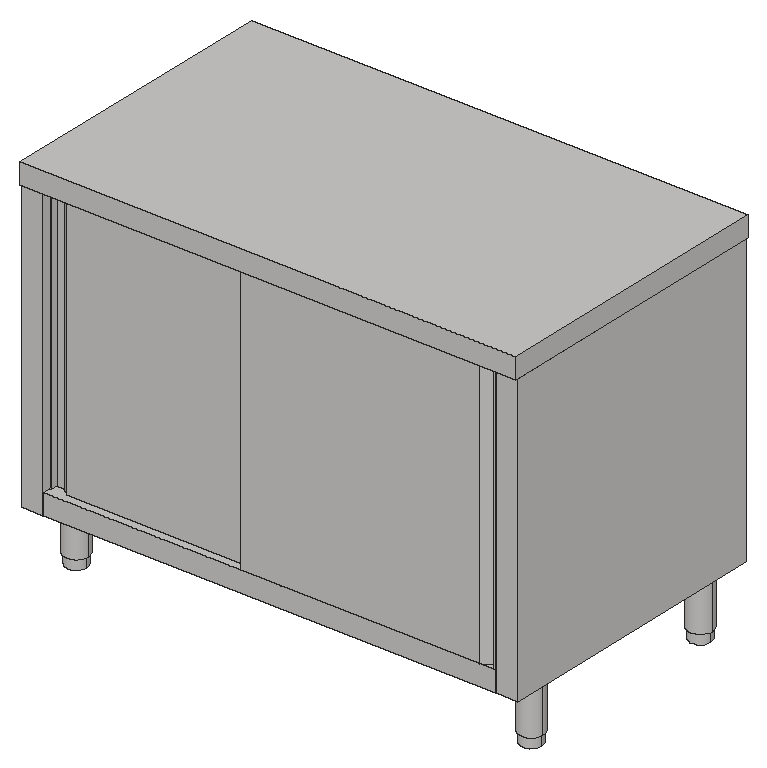
Revit family "QF_ZANUSSI_132857_MS1207N", category Attrezzature speciali, Revit 2020
Family settings
  Quota connettore circolare = Usa diametro
  Tipo di parte = Normale
  Basato su piano di lavoro = No
  Sempre verticale = Sì
  Taglio con vuoti quando caricato = No
  Condiviso = No
  Punto di calcolo locali = No
Parameters (values of type "Standard")
  Weight = 55.00 kg
  Watts = 0 W
  Volts = 0 V
  URL Manufacturer = "http://www.zanussiprofessional.com"
  URL = "http://www.zanussiprofessional.com"
  Steam Supply Size = 0 mm
  Steam Supply Minimum Pressure = 0.0 Pa
  Steam Supply Maximum Pressure = 0.0 Pa
  Steam Consumption per Hour = 0
  Refrigeration Suction Line Size = 0.0 mm
  Refrigeration Liquid Line Size = 0.0 mm
  Refrigerant Compressor Remote = yes
  Prospetto di default = 0.0 mm
  Produttore = "Zanussi"
  Phase = 0
  Modello = "MS1207N"
  Length Actual = 1200.0 mm  # constant formula
  Item Number = "132857"
  Hot Water Size = 0 mm
  Height Actual = 900.0 mm  # constant formula
  HP = "0 HP"
  Gas Size = 0 mm
  Gas KW = 0
  Gas Input Pressure = 0 W
  Direct Waste Size = 0 mm
  Descrizione = "WORKTOP CUPBOARD 1200MM"
  Depth Actual = 700.0 mm  # constant formula
  Cycle = 0 Hz
  Condensate Return Size = 0 mm
  Compressed Air Volume = 0.0 L/s
  Compressed Air Size = 0 mm
  Compressed Air Pressure = 0.0 Pa
  Cold Water Size = 0 mm
  Accessory = yes
Reference planes
  plane 1 "Center (Front/Back)": y = 0
  plane 2: z = 0
  plane 3 "Center (Left/Right)": x = -100
  plane 4 "LEFT": x = -700
  plane 5 "RIGHT": x = 500
  plane 6 "BACK": y = 350
  plane 7 "FRONT": y = -350
  plane 8 "Base": z = 850
  plane 9 "TOP": z = 900
  plane 10: x = -650
  plane 11: x = 450
  plane 12: y = 270
  plane 13: y = -241.9
  plane 14 "BodyLeft": x = -699
  plane 15 "BodyFront": y = -344.5
  plane 16 "BodyRight": x = 499
  plane 17 "BodyBack": y = 344.5
  plane 18 "FEET": z = 150
  plane 19: x = -30
  plane 20: x = -170
Forms (mm)
  Extrusion 1, solid, material "QF_Finishes_Stainless Steel"
    sketch origin (-100, 0, 0) x (0, 1, 0) y (0, 0, 1)
      loop
        line (-350, 850) -> (350, 850) -> (350, 900) -> (-350, 900) -> (-350, 850)
    from 600 to -600
  Extrusion 2, solid, material "QF_Finishes_Stainless Steel"
    sketch origin (0, 0, 150) x (-1, 0, 0) y (0, -1, 0)
      loop
        line (699, -344.5) -> (699, 344.5) -> (649, 344.5) -> (649, -344.5) -> (699, -344.5)
      loop
        line (-449, -344.5) -> (-449, 344.5) -> (-499, 344.5) -> (-499, -344.5) -> (-449, -344.5)
    from 0 to 700
  Extrusion 3, solid, material "QF_Finishes_Stainless Steel"
    sketch origin (0, 0, 150) x (-1, 0, 0) y (0, -1, 0)
      loop
        line (646.685, -344.5) -> (646.685, 344.5) -> (-447.6, 344.5) -> (-447.6, -344.5) -> (646.685, -344.5)
    from 0 to 50
  Extrusion 4, solid, material "QF_Finishes_Stainless Steel"
    sketch origin (0, 0, 150) x (-1, 0, 0) y (0, -1, 0)
      loop
        line (646.685, -344.5) -> (646.685, -294.5) -> (-447.6, -294.5) -> (-447.6, -344.5) -> (646.685, -344.5)
    from 50 to 700
  Extrusion 5, solid, material "QF_Finishes_Stainless Steel"
    sketch origin (0, 0, 150) x (-1, 0, 0) y (0, -1, 0)
      loop
        line (-447.6, 344.5) -> (-447.6, 324.5) -> (170, 324.5) -> (170, 344.5) -> (-407.6, 344.5) -> (-427.6, 329.5) -> (-442.6, 329.5) -> (-442.6, 344.5) -> (-447.6, 344.5)
    from 50 to 700
  Extrusion 6, solid, material "QF_Finishes_Stainless Steel"
    sketch origin (0, 20, 150) x (1, 0, 0) y (0, 1, 0)
      loop
        line (-647.6, -344.5) -> (-642.6, -344.5) -> (-642.6, -329.5) -> (-627.6, -329.5) -> (-607.6, -344.5) -> (-30, -344.5) -> (-30, -324.5) -> (-647.6, -324.5) -> (-647.6, -344.5)
    from 50 to 700
Lines and regions (mm)
  symbolic lines
    curve 1: line (500, 350, 900) -> (-700, 350, 900)
    curve 2: line (-700, 350, 900) -> (-700, -350, 900)
    curve 3: line (-700, -350, 900) -> (500, -350, 900)
    curve 4: line (500, -350, 900) -> (500, 350, 900)
  symbolic lines, style "SpecialityEquipmentHiddenLines"
    curve 5: line (-699, 344.5, 150) -> (499, 344.5, 150)
    curve 6: line (-699, -344.5, 150) -> (-699, 344.5, 150)
    curve 7: line (499, -344.5, 150) -> (-699, -344.5, 150)
    curve 8: line (499, 344.5, 150) -> (499, -344.5, 150)
    curve 9: line (-647.6, -304.5, 150) -> (-30, -304.5, 150)
    curve 10: line (-30, -304.5, 150) -> (-30, -324.5, 150)
    curve 11: line (-647.6, -324.5, 150) -> (447.6, -324.5, 150)
    curve 12: line (447.6, -324.5, 150) -> (447.6, -344.5, 150)
    curve 13: line (-170, -324.5, 150) -> (-170, -344.5, 150)
    curve 14: line (-647.6, -304.5, 150) -> (-647.6, -324.5, 150)
Dimensions and locks
  plane 4 "LEFT" to plane 5 "RIGHT" = 1200.0 mm
  equal spacing: plane 4 "LEFT", plane 3 "Center (Left/Right)", plane 5 "RIGHT"
  locked: plane 8 "Base" to level at 850
  plane 9 "TOP" to level = 900.0 mm
  plane 6 "BACK" to plane 7 "FRONT" = 700.0 mm
  equal spacing: plane 6 "BACK", plane 1 "Center (Front/Back)", plane 7 "FRONT"
  locked: plane 4 "LEFT" to plane 14 "BodyLeft" at 1
  locked: plane 16 "BodyRight" to plane 5 "RIGHT" at 1
  locked: plane 15 "BodyFront" to plane 7 "FRONT" at 5.5
  locked: plane 6 "BACK" to plane 17 "BodyBack" at 5.5
  locked: plane 14 "BodyLeft" to plane 10 at 49
  locked: plane 11 to plane 16 "BodyRight" at 49
  locked: plane 13 to plane 15 "BodyFront" at 102.6
  locked: plane 17 "BodyBack" to plane 12 at 74.5
  plane 10 to plane 11 = 1100.0 mm
  plane 12 to plane 13 = 511.9 mm
  locked: plane 14 "BodyLeft" to Extrusion 2 sketch curve at 50
  locked: Extrusion 2 sketch curve to Extrusion 2 sketch curve at 50
  Extrusion 3 to Extrusion 4 sketch curve = 50.0 mm
  locked: plane 3 "Center (Left/Right)" to plane 19 at 70
  locked: plane 20 to plane 3 "Center (Left/Right)" at 70
  locked: plane 18 "FEET" to level at 150
  aligned and locked: level to plane 2
  aligned and locked: plane 10 to nested 1
  aligned and locked: nested 1 to plane 13
  aligned and locked: plane 11 to nested 2
  aligned and locked: nested 2 to plane 13
  aligned and locked: plane 11 to nested 4
  aligned and locked: nested 4 to plane 12
  aligned and locked: plane 10 to nested 3
  aligned and locked: nested 3 to plane 12
  aligned and locked: Extrusion 1 to plane 4 "LEFT"
  aligned and locked: plane 5 "RIGHT" to Extrusion 1
  aligned and locked: curve 2 to plane 4 "LEFT"
  aligned and locked: plane 17 "BodyBack" to Extrusion 2 sketch curve
  aligned and locked: Extrusion 2 sketch curve to plane 15 "BodyFront"
  aligned and locked: Extrusion 2 sketch curve to plane 14 "BodyLeft"
  aligned and locked: plane 16 "BodyRight" to Extrusion 2 sketch curve
  aligned and locked: Extrusion 2 sketch curve to plane 17 "BodyBack"
  aligned and locked: plane 15 "BodyFront" to Extrusion 2 sketch curve
  aligned and locked: Extrusion 3 sketch curve to plane 17 "BodyBack"
  aligned and locked: plane 15 "BodyFront" to Extrusion 3 sketch curve
  aligned and locked: plane 8 "Base" to Extrusion 2
  aligned and locked: Extrusion 4 sketch curve to Extrusion 3
  aligned and locked: plane 8 "Base" to Extrusion 5
  aligned and locked: Extrusion 5 to Extrusion 3
  aligned and locked: Extrusion 6 sketch curve to plane 19
  aligned and locked: Extrusion 5 sketch curve to plane 20
  aligned and locked: Extrusion 1 to plane 8 "Base"
  aligned and locked: plane 9 "TOP" to Extrusion 1
  aligned and locked: curve 5 to plane 17 "BodyBack"
  aligned and locked: plane 14 "BodyLeft" to curve 6
  aligned and locked: plane 15 "BodyFront" to curve 7
  aligned and locked: plane 16 "BodyRight" to curve 8
Automatic sketch dimensions
  curve 3 to plane 7 "FRONT" = 0.0 mm
  curve 4 to plane 6 "BACK" = 0.0 mm
  Extrusion 1 sketch curve to plane 7 "FRONT" = 0.0 mm
  plane 9 "TOP" to Extrusion 1 sketch curve = 0.0 mm
  Extrusion 1 sketch curve to plane 6 "BACK" = 0.0 mm
  Extrusion 1 sketch curve to plane 8 "Base" = 0.0 mm
  Extrusion 5 sketch curve to plane 15 "BodyFront" = 0.0 mm  (x2)
  Extrusion 5 sketch curve to plane 11 = 2.4 mm
  Extrusion 5 sketch curve to Extrusion 5 sketch curve = 5.0 mm
  Extrusion 5 sketch curve to Extrusion 5 sketch curve = 15.0 mm
  Extrusion 5 sketch curve to Extrusion 5 sketch curve = 20.0 mm
  plane 15 "BodyFront" to Extrusion 5 sketch curve = 15.0 mm
  plane 15 "BodyFront" to Extrusion 5 sketch curve = 20.0 mm
  Extrusion 6 sketch curve to plane 15 "BodyFront" = 20.0 mm  (x2)
  Extrusion 6 sketch curve to plane 10 = 2.4 mm
  Extrusion 6 sketch curve to Extrusion 6 sketch curve = 5.0 mm
  Extrusion 6 sketch curve to Extrusion 6 sketch curve = 15.0 mm
  Extrusion 6 sketch curve to Extrusion 6 sketch curve = 20.0 mm  (x2)
  Extrusion 6 sketch curve to plane 15 "BodyFront" = 35.0 mm
  Extrusion 3 sketch curve to plane 11 = 2.4 mm
  plane 10 to Extrusion 3 sketch curve = 3.315 mm
  Extrusion 4 sketch curve to plane 11 = 2.4 mm
  plane 10 to Extrusion 4 sketch curve = 3.315 mm
  curve 10 to plane 19 = 0.0 mm
  curve 13 to plane 20 = 0.0 mm
  curve 11 to plane 11 = 2.4 mm
  plane 15 "BodyFront" to curve 9 = 40.0 mm
  curve 12 to curve 12 = 20.0 mm
  plane 10 to curve 14 = 2.4 mm
  curve 4 to plane 5 "RIGHT" = 0.0 mm
Nested families
  nested 1: "FEET_D58-150" at (-650, -241.9, 0), type "FEET_D58-150"
  nested 2: "FEET_D58-150" at (450, -241.9, 0), type "FEET_D58-150"
  nested 3: "FEET_D58-150" at (-650, 270, 0), type "FEET_D58-150"
  nested 4: "FEET_D58-150" at (450, 270, 0), type "FEET_D58-150"
Definition of nested family "FEET_D58-150"
  Parameters
    Default Elevation = 0.0 mm
    FEET = 150.0 mm
  Reference planes
    plane 1 "Center (Front/Back)": y = 0
    plane 2: z = 0
    plane 3 "Center (Left/Right)": x = 0
    plane 4: z = 150
  Forms (mm)
    Extrusion 1, solid
      sketch origin (0, 0, 0) x (1, 0, 0) y (0, 1, 0)
        loop
          circle (0, 0) r 25
      from 0 to 25
    Extrusion 2, solid
      sketch origin (0, 0, 0) x (1, 0, 0) y (0, 1, 0)
        loop
          circle (0.061, 0) r 29
      from 25 to 150 <- "FEET"
  Lines and regions (mm)
    symbolic lines
      curve 1: line (0, -1.503, 0) -> (0, 1.508, 0)
      curve 2: line (1.561, 0, 0) -> (-1.439, 0, 0)
  Dimensions and locks
    "FEET": plane 4 to plane 2
    aligned and locked: level to plane 2
  Automatic sketch dimensions
    plane 1 "Center (Front/Back)" to Extrusion 1 sketch curve = 0.0 mm
    Extrusion 1 sketch curve to plane 3 "Center (Left/Right)" = 0.0 mm
    plane 1 "Center (Front/Back)" to curve 2 = 0.0 mm
    curve 1 to plane 3 "Center (Left/Right)" = 0.0 mm
    curve 2 to plane 3 "Center (Left/Right)" = 1.439 mm
    plane 3 "Center (Left/Right)" to curve 2 = 1.561 mm
    plane 1 "Center (Front/Back)" to curve 1 = 1.503 mm
    curve 1 to plane 1 "Center (Front/Back)" = 1.508 mm
    plane 1 "Center (Front/Back)" to Extrusion 2 sketch curve = 0.0 mm
    plane 3 "Center (Left/Right)" to Extrusion 2 sketch curve = 0.061 mm
    radius of Extrusion 1 sketch curve = 25.0 mm
    radius of Extrusion 2 sketch curve = 29.0 mm
